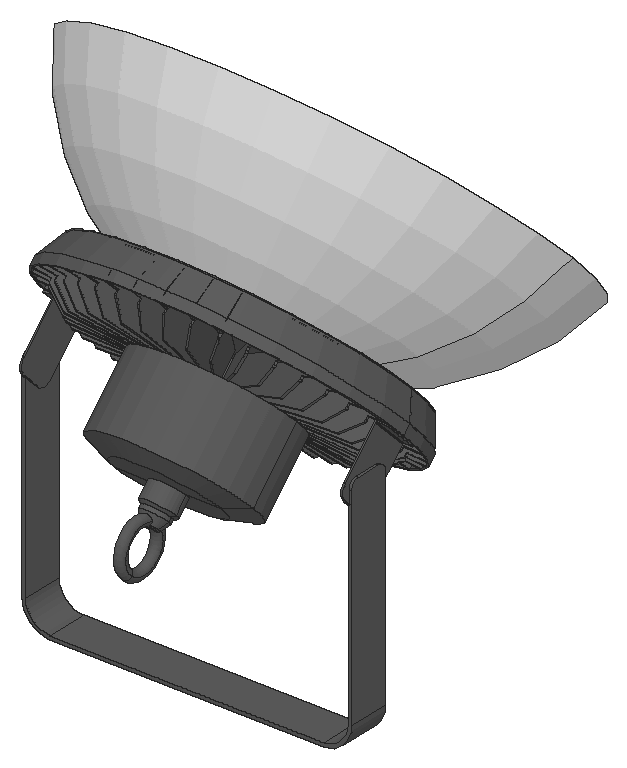
Revit family "0039345+0039354+0039356 Feilo Sylvania Lighting Fixture START HIGHBAY 4K 19KLM MEDIUM with BRACKET and ALU SHADE ALU COLOR", category Lighting Fixtures, host Face, Revit 2017 (continued)
Definition of nested family "Start LED Highbay Head"
  Dimensions and locks
    "RHHeight3_FEILO": plane 31 to plane 33
    "RHHeight4_FEILO": plane 33 to plane 34
    "RHRadius3_FEILO": plane 3 "Center (Left/Right)" to plane 35
    "RHHeight1_FEILO": plane 28 to plane 30
    "EyeInner_FEILO": plane 34 to plane 36
    "EyeInner_FEILO": plane 36 to plane 37
    equal spacing: plane 38, plane 3 "Center (Left/Right)", plane 39
    "EyeThickness_FEILO": plane 38 to plane 39
    "EyeThickness_FEILO": plane 37 to plane 40
    equal spacing: plane 37, plane 41, plane 40
    equal spacing: plane 6, plane 42, plane 18
    "ThicknessBracket_FEILO": plane 45 to plane 6
    "ThicknessBracket_FEILO": plane 8 to plane 44
    locked: plane 43 to plane 18 at 1
    equal spacing: plane 24, plane 46, plane 26
    equal spacing: plane 47, plane 1 "Center (Front/Back)", plane 48
    "WidthBracket_FEILO": plane 47 to plane 48
    "WidthRingChamfer_FEILO": plane 50 to plane 49
    "ThicknessWall_FEILO": plane 51 to plane 49
    equal spacing: plane 50, plane 52, plane 51
    "ThicknessBracket_FEILO": plane 54 to plane 50
    locked: plane 53 to plane 51 at 1
    "Radius_FEILO": plane 49 to plane 3 "Center (Left/Right)"
    "ShadeRadiusOut_FEILO": plane 3 "Center (Left/Right)" to plane 55
    "ShadeHeight_FEILO": plane 56 to plane 4
    "ShadeRadiusIn_FEILO": plane 3 "Center (Left/Right)" to plane 57
    locked: plane 58 to plane 57 at 8
    "ShadeThickness_FEILO": plane 60 to plane 4
    "ShadeThickness_FEILO": plane 59 to plane 55
    "EyeThicknessHalf_FEILO": radius of curve 8
    "ThicknessBracket_FEILO": radius of Extrusion 7 sketch curve  (x2)
    "ThicknessBracketHalf_FEILO": radius of Extrusion 7 sketch curve  (x2)
    "ShadeRadiusBend_FEILO": radius of curve 9
    aligned and locked: plane 2 to Extrusion 1
    aligned and locked: level to Extrusion 1
    aligned and locked: plane 5 to curve 1
    aligned and locked: plane 6 to curve 1
    aligned and locked: plane 7 to curve 1
    aligned and locked: plane 10 to curve 2
    aligned and locked: plane 9 to curve 3
    aligned and locked: plane 4 to curve 3
    aligned and locked: plane 11 to curve 3
    aligned and locked: plane 4 to curve 4
    aligned and locked: plane 18 to curve 5
    aligned and locked: plane 10 to curve 5
    aligned and locked: Revolve 2 sketch curve to plane 3 "Center (Left/Right)"
    aligned and locked: Revolve 2 sketch curve to curve 3
    aligned and locked: Revolve 2 sketch curve to curve 1
    aligned and locked: plane 4 to Revolve 2 sketch curve
    aligned and locked: plane 9 to Revolve 2 sketch curve
    aligned and locked: Revolve 2 sketch curve to plane 13
    aligned and locked: Revolve 2 sketch curve to plane 10
    aligned and locked: plane 13 to Revolve 2 sketch curve
    aligned and locked: plane 10 to Revolve 2 sketch curve
    aligned and locked: Revolve 2 sketch curve to plane 18
    aligned and locked: Revolve 2 sketch curve to plane 8
    aligned and locked: plane 5 to Revolve 2 sketch curve  (x2)
    aligned and locked: Revolve 3 sketch curve to plane 3 "Center (Left/Right)"
    aligned and locked: plane 11 to Revolve 3 sketch curve
    aligned and locked: Revolve 3 sketch curve to curve 2
    aligned and locked: plane 15 to Revolve 3 sketch curve
    aligned and locked: Revolve 3 sketch curve to plane 16
    aligned and locked: plane 17 to Revolve 3 sketch curve  (x2)
    aligned and locked: Revolve 3 sketch curve to plane 12
    aligned and locked: plane 7 to Revolve 3 sketch curve
    aligned and locked: Revolve 4 sketch curve to plane 3 "Center (Left/Right)"
    aligned and locked: Revolve 4 sketch curve to plane 14
    aligned and locked: plane 3 "Center (Left/Right)" to Revolve 4 sketch curve
    aligned and locked: Revolve 4 sketch curve to plane 12
    aligned and locked: plane 15 to Revolve 4 sketch curve
    aligned and locked: Revolve 2 sketch curve to curve 5
    aligned and locked: plane 22 to curve 6
    aligned and locked: plane 21 to curve 6
    aligned and locked: plane 20 to curve 6
    aligned and locked: plane 19 to curve 6
    aligned and locked: plane 33 to curve 7
    aligned and locked: plane 32 to curve 7
    aligned and locked: plane 35 to curve 7
    aligned and locked: plane 34 to curve 7
    aligned and locked: Revolve 5 sketch curve to plane 3 "Center (Left/Right)"
    aligned and locked: Revolve 5 sketch curve to plane 25
    aligned and locked: plane 27 to Revolve 5 sketch curve
    aligned and locked: plane 28 to Revolve 5 sketch curve
    aligned and locked: plane 30 to Revolve 5 sketch curve
    aligned and locked: Revolve 5 sketch curve to plane 29
    aligned and locked: plane 31 to Revolve 5 sketch curve
    aligned and locked: Revolve 5 sketch curve to curve 7
    aligned and locked: Revolve 5 sketch curve to plane 32
    aligned and locked: plane 34 to Revolve 5 sketch curve
    aligned and locked: plane 3 "Center (Left/Right)" to Revolve 5 sketch curve
    aligned and locked: plane 3 "Center (Left/Right)" to curve 8
    aligned and locked: plane 41 to curve 8
    aligned and locked: Revolve 6 sketch curve to plane 36
    aligned and locked: Revolve 6 sketch curve to curve 8
    aligned and locked: plane 43 to Extrusion 7 sketch curve  (x2)
    aligned and locked: plane 8 to Extrusion 7 sketch curve  (x3)
    aligned and locked: Extrusion 7 sketch curve to plane 45
    aligned and locked: Extrusion 7 sketch curve to plane 46  (x2)
    aligned and locked: plane 6 to Extrusion 7 sketch curve
    aligned and locked: Extrusion 7 sketch curve to plane 44  (x2)
    aligned and locked: Extrusion 7 to plane 48
    aligned and locked: plane 47 to Extrusion 7
    aligned and locked: plane 53 to Extrusion 7 sketch curve
    aligned and locked: plane 50 to Extrusion 7 sketch curve
    aligned and locked: Extrusion 7 sketch curve to plane 54
    aligned and locked: Extrusion 8 sketch curve to Extrusion 8 sketch curve
    aligned and locked: Extrusion 8 to plane 6
    aligned and locked: Extrusion 8 to Extrusion 7
    aligned and locked: Revolve 5 sketch curve to plane 22
    aligned and locked: plane 23 to nested 1
    aligned and locked: plane 1 "Center (Front/Back)" to nested 1
    aligned and locked: Revolve 9 sketch curve to plane 3 "Center (Left/Right)"
    aligned and locked: Revolve 9 sketch curve to plane 4
    aligned and locked: plane 6 to Revolve 9 sketch curve
    aligned and locked: plane 4 to Revolve 9 sketch curve
    aligned and locked: plane 7 to Revolve 9 sketch curve
    aligned and locked: Revolve 9 sketch curve to plane 5
    aligned and locked: plane 8 to Revolve 9 sketch curve  (x2)
    aligned and locked: Revolve 9 sketch curve to plane 19
    aligned and locked: plane 20 to Revolve 9 sketch curve
    aligned and locked: plane 19 to Revolve 9 sketch curve
    aligned and locked: plane 21 to Revolve 9 sketch curve
    aligned and locked: plane 22 to Revolve 9 sketch curve  (x2)
    aligned and locked: Revolve 9 sketch curve to Revolve 9 sketch curve
    aligned and locked: imposter light to plane 4
    aligned and locked: plane 3 "Center (Left/Right)" to imposter light
    aligned and locked: imposter light to plane 1 "Center (Front/Back)"
    aligned and locked: plane 55 to curve 9
    aligned and locked: plane 56 to curve 9
    aligned and locked: plane 57 to curve 9
    aligned and locked: plane 4 to curve 9
    aligned and locked: Revolve 10 sketch curve to curve 9
    aligned and locked: plane 58 to Revolve 10 sketch curve
    aligned and locked: plane 57 to Revolve 10 sketch curve
    aligned and locked: plane 56 to Revolve 10 sketch curve  (x2)
    aligned and locked: Revolve 10 sketch curve to plane 58
    aligned and locked: plane 60 to Revolve 10 sketch curve
  Automatic sketch dimensions
    Extrusion 1 sketch curve to Extrusion 1 sketch curve = 2438.4 mm  (x2)
    Revolve 2 sketch curve to plane 6 = 0.299 mm
    plane 6 to Revolve 2 sketch curve = 0.459 mm
    Revolve 2 sketch curve to level = 609.6 mm
    Revolve 2 sketch curve to Revolve 2 sketch curve = 2312.223 mm
    Revolve 3 sketch curve to plane 12 = 0 mm
    Revolve 3 sketch curve to plane 3 "Center (Left/Right)" = 0 mm
    Revolve 3 sketch curve to level = 609.6 mm
    Revolve 3 sketch curve to plane 4 = 2339.058 mm
    Revolve 4 sketch curve to level = 609.6 mm
    Revolve 4 sketch curve to plane 4 = 2339.058 mm
    Revolve 6 sketch curve to plane 5 = 1080 mm
    plane 38 to Revolve 6 sketch curve = 1219.2 mm
    Extrusion 8 sketch curve to plane 47 = 0 mm
    plane 46 to Extrusion 8 sketch curve = 0 mm  (x2)
    Extrusion 8 sketch curve to plane 48 = 0 mm
    plane 47 to Extrusion 8 sketch curve = 5 mm
    plane 1 "Center (Front/Back)" to Extrusion 8 sketch curve = 10 mm
    Extrusion 8 sketch curve to Extrusion 8 sketch curve = 10 mm
    plane 46 to Extrusion 8 sketch curve = 5 mm
    Extrusion 8 sketch curve to Extrusion 8 sketch curve = 5 mm
    Extrusion 8 sketch curve to plane 48 = 5 mm
    Revolve 5 sketch curve to plane 26 = 0 mm
    Revolve 5 sketch curve to plane 35 = 0.437 mm
    plane 35 to Revolve 5 sketch curve = 0.847 mm
    Revolve 5 sketch curve to plane 34 = 0.726 mm
    plane 40 to Revolve 5 sketch curve = 590.2 mm
    Revolve 5 sketch curve to plane 4 = 2339.058 mm
    Revolve 9 sketch curve to level = 609.6 mm
    Revolve 9 sketch curve to Revolve 9 sketch curve = 2386.058 mm
    curve 2 to plane 3 "Center (Left/Right)" = 0 mm
    Revolve 10 sketch curve to Revolve 10 sketch curve = 0 mm  (x2)
    Revolve 10 sketch curve to plane 3 "Center (Left/Right)" = 0 mm
    plane 57 to Revolve 10 sketch curve = 0.659 mm
    Revolve 10 sketch curve to level = 609.6 mm
    Revolve 10 sketch curve to Revolve 10 sketch curve = 2068.248 mm
  Nested families
    nested 1: "Start Highbay Rib" at (0, 0, 67.775), type "Type Name", detail levels medium+fine
      with SuspensionHeight_FEILO 2.6 mm
    nested 2: "Start Highbay Rib" at (0, 0, 67.775) x (0.9877, 0.1564, 0) z (0, 0, 1), type "Type Name", detail levels medium+fine
      with SuspensionHeight_FEILO 2.6 mm
    nested 3: "Start Highbay Rib" at (0, 0, 67.775) x (0.9511, 0.309, 0) z (0, 0, 1), type "Type Name", detail levels medium+fine
      with SuspensionHeight_FEILO 2.6 mm
    nested 4: "Start Highbay Rib" at (0, 0, 67.775) x (0.891, 0.454, 0) z (0, 0, 1), type "Type Name", detail levels medium+fine
      with SuspensionHeight_FEILO 2.6 mm
    nested 5: "Start Highbay Rib" at (0, 0, 67.775) x (0.809, 0.5878, 0) z (0, 0, 1), type "Type Name", detail levels medium+fine
      with SuspensionHeight_FEILO 2.6 mm
    nested 6: "Start Highbay Rib" at (0, 0, 67.775) x (0.7071, 0.7071, 0) z (0, 0, 1), type "Type Name", detail levels medium+fine
      with SuspensionHeight_FEILO 2.6 mm
    nested 7: "Start Highbay Rib" at (0, 0, 67.775) x (0.5878, 0.809, 0) z (0, 0, 1), type "Type Name", detail levels medium+fine
      with SuspensionHeight_FEILO 2.6 mm
    nested 8: "Start Highbay Rib" at (0, 0, 67.775) x (0.454, 0.891, 0) z (0, 0, 1), type "Type Name", detail levels medium+fine
      with SuspensionHeight_FEILO 2.6 mm
    nested 9: "Start Highbay Rib" at (0, 0, 67.775) x (0.309, 0.9511, 0) z (0, 0, 1), type "Type Name", detail levels medium+fine
      with SuspensionHeight_FEILO 2.6 mm
    nested 10: "Start Highbay Rib" at (0, 0, 67.775) x (0.1564, 0.9877, 0) z (0, 0, 1), type "Type Name", detail levels medium+fine
      with SuspensionHeight_FEILO 2.6 mm
    nested 11: "Start Highbay Rib" at (0, 0, 67.775) x (0, 1, 0) z (0, 0, 1), type "Type Name", detail levels medium+fine
      with SuspensionHeight_FEILO 2.6 mm
    nested 12: "Start Highbay Rib" at (0, 0, 67.775) x (-0.1564, 0.9877, 0) z (0, 0, 1), type "Type Name", detail levels medium+fine
      with SuspensionHeight_FEILO 2.6 mm
    nested 13: "Start Highbay Rib" at (0, 0, 67.775) x (-0.309, 0.9511, 0) z (0, 0, 1), type "Type Name", detail levels medium+fine
      with SuspensionHeight_FEILO 2.6 mm
    nested 14: "Start Highbay Rib" at (0, 0, 67.775) x (-0.454, 0.891, 0) z (0, 0, 1), type "Type Name", detail levels medium+fine
      with SuspensionHeight_FEILO 2.6 mm
    nested 15: "Start Highbay Rib" at (0, 0, 67.775) x (-0.5878, 0.809, 0) z (0, 0, 1), type "Type Name", detail levels medium+fine
      with SuspensionHeight_FEILO 2.6 mm
    nested 16: "Start Highbay Rib" at (0, 0, 67.775) x (-0.7071, 0.7071, 0) z (0, 0, 1), type "Type Name", detail levels medium+fine
      with SuspensionHeight_FEILO 2.6 mm
    nested 17: "Start Highbay Rib" at (0, 0, 67.775) x (-0.809, 0.5878, 0) z (0, 0, 1), type "Type Name", detail levels medium+fine
      with SuspensionHeight_FEILO 2.6 mm
    nested 18: "Start Highbay Rib" at (0, 0, 67.775) x (-0.891, 0.454, 0) z (0, 0, 1), type "Type Name", detail levels medium+fine
      with SuspensionHeight_FEILO 2.6 mm
    nested 19: "Start Highbay Rib" at (0, 0, 67.775) x (-0.9511, 0.309, 0) z (0, 0, 1), type "Type Name", detail levels medium+fine
      with SuspensionHeight_FEILO 2.6 mm
    nested 20: "Start Highbay Rib" at (0, 0, 67.775) x (-0.9877, 0.1564, 0) z (0, 0, 1), type "Type Name", detail levels medium+fine
      with SuspensionHeight_FEILO 2.6 mm
    nested 21: "Start Highbay Rib" at (0, 0, 67.775) x (-1, 0, 0) z (0, 0, 1), type "Type Name", detail levels medium+fine
      with SuspensionHeight_FEILO 2.6 mm
    nested 22: "Start Highbay Rib" at (0, 0, 67.775) x (-0.9877, -0.1564, 0) z (0, 0, 1), type "Type Name", detail levels medium+fine
      with SuspensionHeight_FEILO 2.6 mm
    nested 23: "Start Highbay Rib" at (0, 0, 67.775) x (-0.9511, -0.309, 0) z (0, 0, 1), type "Type Name", detail levels medium+fine
      with SuspensionHeight_FEILO 2.6 mm
    nested 24: "Start Highbay Rib" at (0, 0, 67.775) x (-0.891, -0.454, 0) z (0, 0, 1), type "Type Name", detail levels medium+fine
      with SuspensionHeight_FEILO 2.6 mm
    nested 25: "Start Highbay Rib" at (0, 0, 67.775) x (-0.809, -0.5878, 0) z (0, 0, 1), type "Type Name", detail levels medium+fine
      with SuspensionHeight_FEILO 2.6 mm
    nested 26: "Start Highbay Rib" at (0, 0, 67.775) x (-0.7071, -0.7071, 0) z (0, 0, 1), type "Type Name", detail levels medium+fine
      with SuspensionHeight_FEILO 2.6 mm
    nested 27: "Start Highbay Rib" at (0, 0, 67.775) x (-0.5878, -0.809, 0) z (0, 0, 1), type "Type Name", detail levels medium+fine
      with SuspensionHeight_FEILO 2.6 mm
    nested 28: "Start Highbay Rib" at (0, 0, 67.775) x (-0.454, -0.891, 0) z (0, 0, 1), type "Type Name", detail levels medium+fine
      with SuspensionHeight_FEILO 2.6 mm
    nested 29: "Start Highbay Rib" at (0, 0, 67.775) x (-0.309, -0.9511, 0) z (0, 0, 1), type "Type Name", detail levels medium+fine
      with SuspensionHeight_FEILO 2.6 mm
    nested 30: "Start Highbay Rib" at (0, 0, 67.775) x (-0.1564, -0.9877, 0) z (0, 0, 1), type "Type Name", detail levels medium+fine
      with SuspensionHeight_FEILO 2.6 mm
    nested 31: "Start Highbay Rib" at (0, 0, 67.775) x (0, -1, 0) z (0, 0, 1), type "Type Name", detail levels medium+fine
      with SuspensionHeight_FEILO 2.6 mm
    nested 32: "Start Highbay Rib" at (0, 0, 67.775) x (0.1564, -0.9877, 0) z (0, 0, 1), type "Type Name", detail levels medium+fine
      with SuspensionHeight_FEILO 2.6 mm
    nested 33: "Start Highbay Rib" at (0, 0, 67.775) x (0.309, -0.9511, 0) z (0, 0, 1), type "Type Name", detail levels medium+fine
      with SuspensionHeight_FEILO 2.6 mm
    nested 34: "Start Highbay Rib" at (0, 0, 67.775) x (0.454, -0.891, 0) z (0, 0, 1), type "Type Name", detail levels medium+fine
      with SuspensionHeight_FEILO 2.6 mm
    nested 35: "Start Highbay Rib" at (0, 0, 67.775) x (0.5878, -0.809, 0) z (0, 0, 1), type "Type Name", detail levels medium+fine
      with SuspensionHeight_FEILO 2.6 mm
    nested 36: "Start Highbay Rib" at (0, 0, 67.775) x (0.7071, -0.7071, 0) z (0, 0, 1), type "Type Name", detail levels medium+fine
      with SuspensionHeight_FEILO 2.6 mm
    nested 37: "Start Highbay Rib" at (0, 0, 67.775) x (0.809, -0.5878, 0) z (0, 0, 1), type "Type Name", detail levels medium+fine
      with SuspensionHeight_FEILO 2.6 mm
    nested 38: "Start Highbay Rib" at (0, 0, 67.775) x (0.891, -0.454, 0) z (0, 0, 1), type "Type Name", detail levels medium+fine
      with SuspensionHeight_FEILO 2.6 mm
    nested 39: "Start Highbay Rib" at (0, 0, 67.775) x (0.9511, -0.309, 0) z (0, 0, 1), type "Type Name", detail levels medium+fine
      with SuspensionHeight_FEILO 2.6 mm
    nested 40: "Start Highbay Rib" at (0, 0, 67.775) x (0.9877, -0.1564, 0) z (0, 0, 1), type "Type Name", detail levels medium+fine
      with SuspensionHeight_FEILO 2.6 mm
  Definition of nested family "Start Highbay Rib"
    Parameters (values of type "Type Name")
      WidthStraight_FEILO = if(SizeS_FEILO, 3 mm, if(SizeM_FEILO, 4 mm, 4.7 mm))  # 3 mm
      WidthRingChamfer_FEILO = if(SizeS_FEILO, 10.3 mm, if(SizeM_FEILO, 11.2 mm, 12.9 mm))  # 10.3 mm
      WidthCurved_FEILO = if(SizeS_FEILO, 17.4 mm, if(SizeM_FEILO, 16.4 mm, 26.2 mm))  # 17.4 mm
      WidthCurvedRing_FEILO = if(SizeS_FEILO, 3 mm, if(SizeM_FEILO, 4 mm, 4.7 mm))  # 3 mm
      WidthBracket_FEILO = 40 mm
      URL = "http://www.feilosylvania.com"
      Type Image = (empty or 0)
      Type Comments = "n/a"
      ThicknessWall_FEILO = 1.5 mm
      ThicknessBracket_FEILO = 1.5 mm
      ThicknessBracketHalf_FEILO = ThicknessBracket_FEILO / 2  # 0.75 mm
      SuspensionHeight_FEILO [instance] = 2.6 mm
      SizeS_FEILO = yes
      SizeM_FEILO = no
      Rib4_FEILO = if(SizeS_FEILO, 18.1 mm, if(SizeM_FEILO, 13.6 mm, 14.6 mm))  # 18.1 mm
      Rib3_FEILO = if(SizeS_FEILO, 15.3 mm, if(SizeM_FEILO, 17.6 mm, 20.2 mm))  # 15.3 mm
      Rib2_FEILO = if(SizeS_FEILO, 3.6 mm, if(SizeM_FEILO, 3.9 mm, 4.5 mm))  # 3.6 mm
      Rib1_FEILO = if(SizeS_FEILO, 15.1 mm, if(SizeM_FEILO, 16.5 mm, 19 mm))  # 15.1 mm
      RadiusRib_FEILO = 2 mm
      RadiusDiffuser_FEILO = if(SizeS_FEILO, 95.2 mm, if(SizeM_FEILO, 105.3 mm, 120 mm))  # 95.2 mm
      RHRadius3_FEILO = if(SizeS_FEILO, 6.6 mm, if(SizeM_FEILO, 7.4 mm, 8.6 mm))  # 6.6 mm
      RHRadius2_FEILO = if(SizeS_FEILO, 11 mm, if(SizeM_FEILO, 12 mm, 14 mm))  # 11 mm
      RHRadius1_FEILO = if(SizeS_FEILO, 13.6 mm, if(SizeM_FEILO, 14.9 mm, 17.7 mm))  # 13.6 mm
      RHHeight4_FEILO = if(SizeS_FEILO, 7.3 mm, if(SizeM_FEILO, 8 mm, 9.2 mm))  # 7.3 mm
      RHHeight3_FEILO = if(SizeS_FEILO, 3.6 mm, if(SizeM_FEILO, 3.7 mm, 4.6 mm))  # 3.6 mm
      RHHeight2_FEILO = if(SizeS_FEILO, 2 mm, if(SizeM_FEILO, 2.2 mm, 2.6 mm))  # 2 mm
      RHHeight1_FEILO = if(SizeS_FEILO, 11.8 mm, if(SizeM_FEILO, 15.3 mm, 17.4 mm))  # 11.8 mm
      Material_3_FEILO = none
      Model = ""
      Manufacturer = "Feilo Sylvania"
      Keynote = "16500"
      HeightRing_FEILO = if(SizeS_FEILO, 19.8 mm, if(SizeM_FEILO, 32 mm, 36.8 mm))  # 19.8 mm
      HeightRingChamfer_FEILO = if(SizeS_FEILO, 11.7 mm, if(SizeM_FEILO, 23.2 mm, 26.6 mm))  # 11.7 mm
      EyeThickness_FEILO = if(SizeS_FEILO, 8.4 mm, if(SizeM_FEILO, 9.2 mm, 10.5 mm))  # 8.4 mm
      EyeThicknessHalf_FEILO = EyeThickness_FEILO / 2  # 4.2 mm
      EyeInner_FEILO = if(SizeS_FEILO, 13.8 mm, if(SizeM_FEILO, 15.1 mm, 17.3 mm))  # 13.8 mm
      DriverVerticalStraight_FEILO = if(SizeS_FEILO, 46.5 mm, if(SizeM_FEILO, 49.7 mm, 57 mm))  # 46.5 mm
      DriverVerticalChamfer_FEILO = if(SizeS_FEILO, 7.5 mm, if(SizeM_FEILO, 8.2 mm, 9.5 mm))  # 7.5 mm
      DriverRadius_FEILO = if(SizeS_FEILO, 61.4 mm, if(SizeM_FEILO, 67.2 mm, 76.4 mm))  # 61.4 mm
      DriverRadiusTop_FEILO = if(SizeS_FEILO, 42 mm, if(SizeM_FEILO, 45.3 mm, 52.4 mm))  # 42 mm
      DriverBottom_FEILO = if(SizeS_FEILO, 56 mm, if(SizeM_FEILO, 64.5 mm, 74 mm))  # 56 mm
      Material_2_FEILO = none
      Radius_FEILO = if(SizeS_FEILO, 135 mm, if(SizeM_FEILO, 148 mm, 169.5 mm))  # 135 mm
      Description = ""
      Default Elevation = 1219.2 mm
      Cost = 0
      Material_1_FEILO = none
      Assembly Code = "D5020200"
      Material_4_FEILO = none
    Reference planes
      plane 1 "Center (Front/Back)": y = 0
      plane 2: z = 0
      plane 3 "Center (Left/Right)": x = 0
      plane 4: z = 2.6
      plane 5: x = -135
      plane 6: x = -124.7
      plane 7: z = -9.1
      plane 8: z = -17.2
      plane 9: x = -121.7
      plane 10: z = -0.025
      plane 11: x = -104.3
      plane 12: x = -95.2
      plane 13: x = -118.7
      plane 14: z = 0.975
      plane 15: z = -1.025
      plane 16: x = -92.2
      plane 17: z = -2.025
      plane 18: x = -133.5
      plane 19: x = -119.9
      plane 20: z = -20.8
      plane 21: x = -104.6
      plane 22: z = -38.9
      plane 23: x = -20
      plane 24: z = -53.4
      plane 25: x = -61.4
      plane 26: z = -99.9
      plane 27: x = -42
      plane 28: z = -107.4
      plane 29: x = -13.6
      plane 30: z = -119.2
      plane 31: z = -121.2
      plane 32: x = -11
      plane 33: z = -124.8
      plane 34: z = -132.1
      plane 35: x = -6.6
      plane 36: z = -145.9
      plane 37: z = -159.7
      plane 38: x = 4.2
      plane 39: x = -4.2
      plane 40: z = -168.1
      plane 41: z = -163.9
      plane 42: x = -129.1
      plane 43: x = -132.5
      plane 44: z = -18.7
      plane 45: x = -123.2
      plane 46: z = -76.65
      plane 47: y = -20
      plane 48: y = 20
      plane 49: x = 135
      plane 50: x = 124.7
      plane 51: x = 133.5
      plane 52: x = 129.1
      plane 53: x = 132.5
      plane 54: x = 123.2
      plane 55: y = 0.75
      plane 56: y = -0.75
    Forms (mm)
      Extrusion 1, solid
        sketch origin (4.2, 0, 0) x (1, 0, 0) y (0, 1, 0)
          loop
            line (-1219.2, 1219.2) -> (-1219.2, -1219.2) -> (1219.2, -1219.2) -> (1219.2, 1219.2) -> (-1219.2, 1219.2)
        from 0 to -68.017
      Extrusion 2, solid, material <- "Material_1_FEILO"
        sketch origin (0, 0, 0) x (1, 0, 0) y (0, 0, 1)
          loop
            arc (-104.3, -0.025) -> (-111.555, 0.423) -> (-118.7, 1.76) r 58.981
            line (-118.7, 1.76) -> (-118.7, -0.025) -> (-125.012, -0.025) -> (-133.5, -9.666) -> (-133.5, -17.2) -> (-119.9, -17.2) -> (-119.9, -20.068)
            arc (-119.9, -20.068) -> (-119.778, -20.755) -> (-119.427, -21.359) r 2
            line (-119.427, -21.359) -> (-104.966, -38.467)
            arc (-104.966, -38.467) -> (-104.381, -38.789) -> (-103.723, -38.9) r 2
            line (-103.723, -38.9) -> (-20, -38.9) -> (-20, -9.1) -> (-95.2, -9.1) -> (-95.2, -2.025) -> (-104.3, -2.025) -> (-104.3, -0.025)
        from -0.75 to 0.75
    Lines and regions (mm)
      reference lines
        curve 1: line (-135, 0, -9.1) -> (-124.7, 0, 2.6)
        curve 2: line (-104.3, 0, -0.025) -> (0, 0, -0.025)
        curve 3: arc (-104.3, 0, -0.025) -> (-113.098, 0, 0.635) -> (-121.7, 0, 2.6) r 58.981
        curve 4: line (-124.7, 0, 2.6) -> (-121.7, 0, 2.6)
        curve 5: line (-125.012, 0, -0.025) -> (-133.5, 0, -9.666)
        curve 6: line (-119.9, 0, -20.8) -> (-104.6, 0, -38.9)
    Dimensions and locks
      "Radius_FEILO": plane 3 "Center (Left/Right)" to plane 5
      "WidthRingChamfer_FEILO": plane 6 to plane 5
      "WidthStraight_FEILO": plane 9 to plane 6
      "WidthCurvedRing_FEILO": plane 13 to plane 9
      locked: plane 10 to plane 15 at 1
      locked: plane 14 to plane 10 at 1
      locked: plane 4 to plane 10 at 2.625
      locked: plane 15 to plane 17 at 1
      "ThicknessWall_FEILO": plane 18 to plane 5
      "ThicknessWall_FEILO": curve 5 to curve 1
      "HeightRingChamfer_FEILO": plane 4 to plane 7
      "HeightRing_FEILO": plane 4 to plane 8
      "RadiusDiffuser_FEILO": plane 3 "Center (Left/Right)" to plane 12
      locked: plane 16 to plane 12 at 3
      "WidthCurved_FEILO": plane 11 to plane 9
      "SuspensionHeight_FEILO": plane 4 to plane 2
      "Rib1_FEILO": plane 19 to plane 5
      "Rib2_FEILO": plane 8 to plane 20
      "Rib3_FEILO": plane 21 to plane 19
      "Rib4_FEILO": plane 20 to plane 22
      locked: plane 3 "Center (Left/Right)" to plane 23 at 20
      "DriverBottom_FEILO": plane 4 to plane 24
      "DriverRadius_FEILO": plane 3 "Center (Left/Right)" to plane 25
      "DriverVerticalStraight_FEILO": plane 24 to plane 26
      "DriverRadiusTop_FEILO": plane 3 "Center (Left/Right)" to plane 27
      "DriverVerticalChamfer_FEILO": plane 26 to plane 28
      "RHRadius1_FEILO": plane 3 "Center (Left/Right)" to plane 29
      "RHHeight2_FEILO": plane 30 to plane 31
      "RHRadius2_FEILO": plane 3 "Center (Left/Right)" to plane 32
      "RHHeight3_FEILO": plane 31 to plane 33
      "RHHeight4_FEILO": plane 33 to plane 34
      "RHRadius3_FEILO": plane 3 "Center (Left/Right)" to plane 35
      "RHHeight1_FEILO": plane 28 to plane 30
      "EyeInner_FEILO": plane 34 to plane 36
      "EyeInner_FEILO": plane 36 to plane 37
      equal spacing: plane 38, plane 3 "Center (Left/Right)", plane 39
      "EyeThickness_FEILO": plane 38 to plane 39
      "EyeThickness_FEILO": plane 37 to plane 40
      equal spacing: plane 37, plane 41, plane 40
      equal spacing: plane 6, plane 42, plane 18
      "ThicknessBracket_FEILO": plane 45 to plane 6
      "ThicknessBracket_FEILO": plane 8 to plane 44
      locked: plane 43 to plane 18 at 1
      equal spacing: plane 24, plane 46, plane 26
      equal spacing: plane 47, plane 1 "Center (Front/Back)", plane 48
      "WidthBracket_FEILO": plane 47 to plane 48
      "WidthRingChamfer_FEILO": plane 50 to plane 49
      "ThicknessWall_FEILO": plane 51 to plane 49
      equal spacing: plane 50, plane 52, plane 51
      "ThicknessBracket_FEILO": plane 54 to plane 50
      locked: plane 53 to plane 51 at 1
      "Radius_FEILO": plane 49 to plane 3 "Center (Left/Right)"
      equal spacing: plane 56, plane 1 "Center (Front/Back)", plane 55
      "ThicknessWall_FEILO": plane 56 to plane 55
      "RadiusRib_FEILO": radius of Extrusion 2 sketch curve  (x2)
      aligned and locked: plane 2 to Extrusion 1
      aligned and locked: level to Extrusion 1
      aligned and locked: plane 5 to curve 1
      aligned and locked: plane 6 to curve 1
      aligned and locked: plane 7 to curve 1
      aligned and locked: plane 10 to curve 2
      aligned and locked: plane 9 to curve 3
      aligned and locked: plane 4 to curve 3
      aligned and locked: plane 11 to curve 3
      aligned and locked: plane 4 to curve 4
      aligned and locked: plane 18 to curve 5
      aligned and locked: plane 10 to curve 5
      aligned and locked: plane 22 to curve 6
      aligned and locked: plane 21 to curve 6
      aligned and locked: plane 20 to curve 6
      aligned and locked: plane 19 to curve 6
      aligned and locked: Extrusion 2 sketch curve to plane 23
      aligned and locked: Extrusion 2 sketch curve to plane 22
      aligned and locked: Extrusion 2 sketch curve to curve 6
      aligned and locked: plane 19 to Extrusion 2 sketch curve
      aligned and locked: Extrusion 2 sketch curve to plane 8
      aligned and locked: Extrusion 2 sketch curve to curve 5
      aligned and locked: Extrusion 2 sketch curve to curve 3
      aligned and locked: Extrusion 2 to plane 55
      aligned and locked: plane 56 to Extrusion 2
      aligned and locked: curve 6 to Extrusion 2 sketch curve
    Automatic sketch dimensions
      Extrusion 1 sketch curve to Extrusion 1 sketch curve = 2438.4 mm  (x2)
      curve 2 to plane 3 "Center (Left/Right)" = 0 mm
      Extrusion 2 sketch curve to plane 18 = 0 mm
      Extrusion 2 sketch curve to plane 10 = 0 mm
      Extrusion 2 sketch curve to plane 13 = 0 mm
      Extrusion 2 sketch curve to plane 7 = 0 mm
      Extrusion 2 sketch curve to plane 12 = 0 mm
      Extrusion 2 sketch curve to plane 17 = 0 mm
      plane 19 to Extrusion 2 sketch curve = 0.473 mm
      Extrusion 2 sketch curve to plane 21 = 0.366 mm
